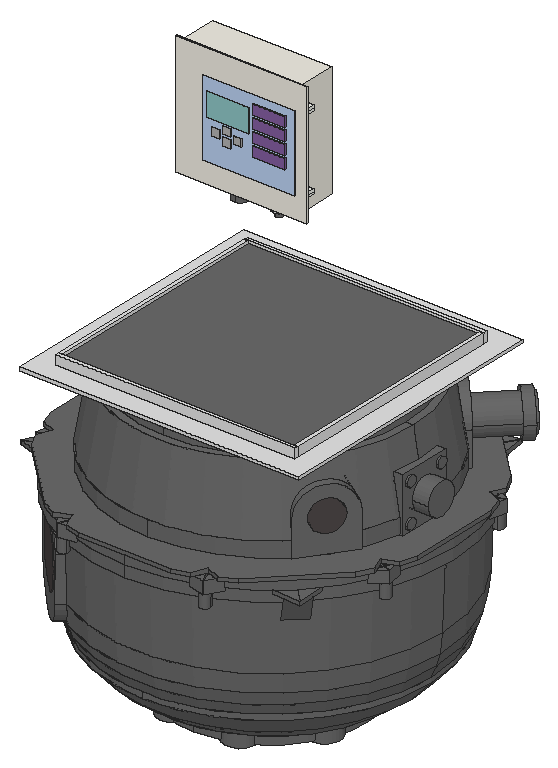
Revit family "281250s (200)", category Generic Models, Revit 2021 (continued)
Definition of nested family "281250s (200)_part2_X0Y0"
  Definition of nested family "281250s (200)_part2_content"
    Forms (mm)
      Extrusion 15, solid, detail levels medium+fine
        from 0 to 10
      Extrusion 16, solid, detail levels medium+fine
        sketch origin (-190, -190, 461) x (0, 1, 0) y (0, 0, 1)
          loop
            line (0, 7.5) -> (0, 0) -> (380, 0) -> (380, 7.5) -> (0, 7.5)
        from 0 to 380
      Extrusion 17, solid, detail levels medium+fine
        sketch origin (0, 0, 461) x (0, 1, 0) y (-1, 0, 0)
          loop
            circle (0, 0) r 208.5
        from 0 to 7.5
      Extrusion 18, solid, detail levels medium+fine
        sketch origin (-222, -222, 468.5) x (0, 1, 0) y (0, 0, 1)
          loop
            line (0, 5) -> (0, 0) -> (444, 0) -> (444, 5) -> (0, 5)
        from 0 to 444
      Extrusion 19, solid, detail levels medium+fine
        sketch origin (-184, -184, 473.5) x (0, 1, 0) y (0, 0, 1)
          loop
            line (0, 12) -> (0, 0) -> (368, 0) -> (368, 12) -> (0, 12)
        from 0 to 368
      Extrusion 20, solid, detail levels medium+fine
        sketch origin (0, 60, 320) x (0, -1, 0) y (0, 0, 1)
          loop
            line (0, 50) -> (0, 0) -> (120, 0) -> (120, 50) -> (0, 50)
        from 0 to 245.5
      Extrusion 21, solid, detail levels medium+fine
        sketch origin (0, 0, 370) x (0, -1, 0) y (0, 0, 1)
          loop
            circle (0, 0) r 60
        from 0 to 245.5
      Extrusion 22, solid, detail levels medium+fine
        sketch origin (-244, 0, 370) x (0, -1, 0) y (0, 0, 1)
          loop
            circle (0, 0) r 35.1
        from 0 to 1.75
      Extrusion 23, solid, detail levels medium+fine
        sketch origin (31.82, -31.82, 320) x (-0.707107, 0.707107, 0) y (0, 0, 1)
          loop
            line (0, 55.25) -> (0, 0) -> (90, 0) -> (90, 55.25) -> (0, 55.25)
        from 0 to 245.5
      Extrusion 24, solid, detail levels medium+fine
        sketch origin (0, 0, 375.25) x (-0.707107, 0.707107, 0) y (0, 0, 1)
          loop
            circle (0, 0) r 45
        from 0 to 245.5
      Extrusion 25, solid, detail levels medium+fine
        sketch origin (0, 0, 370) x (-0.707107, 0.707107, 0) y (0, 0, 1)
          loop
            circle (0, 0) r 27.7
        from 0 to 311.36
      Extrusion 26, solid, detail levels medium+fine
        sketch origin (0, 27.5, 332.75) x (0, 1, 0) y (0, 0, 1)
          loop
            circle (0, 0) r 8
        from 0 to 250
      Extrusion 27, solid, detail levels medium+fine
        sketch origin (0, -46.25, 320) x (0, 1, 0) y (0, 0, 1)
          loop
            line (0, 86.5) -> (0, 0) -> (86.5, 0) -> (86.5, 86.5) -> (0, 86.5)
        from 0 to 245.5
      Extrusion 28, solid, detail levels medium+fine
        sketch origin (0, -3, 363.25) x (0, 1, 0) y (0, 0, 1)
          loop
            circle (0, 0) r 24.75
        from 0 to 272.5
      Extrusion 29, solid, detail levels medium+fine
        sketch origin (0, 27.5, 393.75) x (0, 1, 0) y (0, 0, 1)
          loop
            circle (0, 0) r 8
        from 0 to 250
      Extrusion 30, solid, detail levels medium+fine
        sketch origin (0, -33.5, 332.75) x (0, 1, 0) y (0, 0, 1)
          loop
            circle (0, 0) r 8
        from 0 to 250
      Extrusion 31, solid, detail levels medium+fine
        sketch origin (0, -33.5, 393.75) x (0, 1, 0) y (0, 0, 1)
          loop
            circle (0, 0) r 8
        from 0 to 250
      Extrusion 32, solid, detail levels medium+fine
        sketch origin (-25.811, -36.862, 320) x (0.573577, 0.819152, 0) y (0, 0, 1)
          loop
            line (0, 55.25) -> (0, 0) -> (90, 0) -> (90, 55.25)
            arc (90, 55.25) -> (45, 100.25) -> (0, 55.25) r 45
        from 0 to 245.5
      Extrusion 33, solid, detail levels medium+fine
        sketch origin (199.873, -139.953, 375.25) x (0.573577, 0.819152, 0) y (0, 0, 1)
          loop
            circle (0, 0) r 25
        from 0 to 1.75
      Extrusion 34, solid, detail levels medium+fine
        sketch origin (-53.002, 127.957, 0) x (-0.92388, -0.382683, 0) y (0.382683, -0.92388, 0)
          loop
            circle (0, 0) r 25
        from 0 to 28.5
      Extrusion 35, solid, detail levels medium+fine
        sketch origin (-127.957, -53.002, 0) x (0.382683, -0.92388, 0) y (0.92388, 0.382683, 0)
          loop
            circle (0, 0) r 25
        from 0 to 28.5
      Extrusion 36, solid, detail levels medium+fine
        sketch origin (53.002, -127.957, 0) x (0.92388, 0.382683, 0) y (-0.382683, 0.92388, 0)
          loop
            circle (0, 0) r 25
        from 0 to 28.5
      Extrusion 37, solid, detail levels medium+fine
        sketch origin (53.002, 127.957, 0) x (-0.923879, 0.382684, 0) y (-0.382684, -0.923879, 0)
          loop
            circle (0, 0) r 25
        from 0 to 28.5
      Extrusion 38, solid, detail levels medium+fine
        sketch origin (-127.957, 53.002, 0) x (-0.382684, -0.923879, 0) y (0.923879, -0.382684, 0)
          loop
            circle (0, 0) r 25
        from 0 to 28.5
      Extrusion 39, solid, detail levels medium+fine
        sketch origin (-53.002, -127.957, 0) x (0.923879, -0.382684, 0) y (0.382684, 0.923879, 0)
          loop
            circle (0, 0) r 25
        from 0 to 28.5
      Extrusion 40, solid, detail levels medium+fine
        sketch origin (127.957, -53.002, 0) x (0.382684, 0.923879, 0) y (-0.923879, 0.382684, 0)
          loop
            circle (0, 0) r 25
        from 0 to 28.5
      Extrusion 41, solid, detail levels medium+fine
        sketch origin (127.957, 53.002, 0) x (-0.382683, 0.92388, 0) y (-0.92388, -0.382683, 0)
          loop
            circle (0, 0) r 25
        from 0 to 28.5
      Extrusion 42, solid, detail levels medium+fine
        sketch origin (0, 0, 209) x (0, -1, 0) y (0, 0, 1)
          loop
            line (-72.693, 35.337) -> (-68.918, -37.767)
            arc (-68.918, -37.767) -> (-63.198, -56.139) -> (-50.593, -70.678) r 46.983
            line (-50.593, -70.678) -> (-49.193, -71.697)
            arc (-49.193, -71.697) -> (-25.794, -83.147) -> (0, -86.788) r 83.079
            arc (0, -86.788) -> (25.794, -83.147) -> (49.193, -71.697) r 83.079
            line (49.193, -71.697) -> (50.593, -70.678)
            arc (50.593, -70.678) -> (63.198, -56.139) -> (68.918, -37.767) r 46.983
            line (68.918, -37.767) -> (72.693, 35.337)
            arc (72.693, 35.337) -> (71.616, 38.805) -> (69.783, 41.939) r 15.989
            arc (69.783, 41.939) -> (60.032, 51.336) -> (48.652, 58.679) r 69.984
            line (48.652, 58.679) -> (47.252, 59.417)
            arc (47.252, 59.417) -> (24.369, 68.322) -> (0, 71.344) r 99.373
            arc (0, 71.344) -> (-24.369, 68.322) -> (-47.252, 59.417) r 99.373
            line (-47.252, 59.417) -> (-48.652, 58.679)
            arc (-48.652, 58.679) -> (-60.032, 51.336) -> (-69.783, 41.939) r 69.984
            arc (-69.783, 41.939) -> (-71.616, 38.805) -> (-72.693, 35.337) r 15.989
        from 0 to 277.5
      Extrusion 43, solid, detail levels medium+fine
        sketch origin (0, 0, 209) x (0, -1, 0) y (0, 0, 1)
          loop
            circle (0, 0) r 55
        from 0 to 326
      Extrusion 44, solid, detail levels medium+fine
        sketch origin (0, 0, 209) x (0.707107, -0.707107, 0) y (0, 0, 1)
          loop
            line (-72.693, 35.337) -> (-68.918, -37.767)
            arc (-68.918, -37.767) -> (-63.198, -56.139) -> (-50.593, -70.678) r 46.983
            line (-50.593, -70.678) -> (-49.193, -71.697)
            arc (-49.193, -71.697) -> (-25.794, -83.147) -> (0, -86.788) r 83.079
            arc (0, -86.788) -> (25.794, -83.147) -> (49.193, -71.697) r 83.079
            line (49.193, -71.697) -> (50.593, -70.678)
            arc (50.593, -70.678) -> (63.198, -56.139) -> (68.918, -37.767) r 46.983
            line (68.918, -37.767) -> (72.693, 35.337)
            arc (72.693, 35.337) -> (71.616, 38.805) -> (69.783, 41.939) r 15.989
            arc (69.783, 41.939) -> (60.032, 51.336) -> (48.652, 58.679) r 69.984
            line (48.652, 58.679) -> (47.252, 59.417)
            arc (47.252, 59.417) -> (24.369, 68.322) -> (0, 71.344) r 99.373
            arc (0, 71.344) -> (-24.369, 68.322) -> (-47.252, 59.417) r 99.373
            line (-47.252, 59.417) -> (-48.652, 58.679)
            arc (-48.652, 58.679) -> (-60.032, 51.336) -> (-69.783, 41.939) r 69.984
            arc (-69.783, 41.939) -> (-71.616, 38.805) -> (-72.693, 35.337) r 15.989
        from 0 to 277.5
      Extrusion 45, solid, detail levels medium+fine
        sketch origin (0, 0, 209) x (-0.707107, -0.707107, 0) y (0, 0, 1)
          loop
            line (-72.693, 35.337) -> (-68.918, -37.767)
            arc (-68.918, -37.767) -> (-63.198, -56.139) -> (-50.593, -70.678) r 46.983
            line (-50.593, -70.678) -> (-49.193, -71.697)
            arc (-49.193, -71.697) -> (-25.794, -83.147) -> (0, -86.788) r 83.079
            arc (0, -86.788) -> (25.794, -83.147) -> (49.193, -71.697) r 83.079
            line (49.193, -71.697) -> (50.593, -70.678)
            arc (50.593, -70.678) -> (63.198, -56.139) -> (68.918, -37.767) r 46.983
            line (68.918, -37.767) -> (72.693, 35.337)
            arc (72.693, 35.337) -> (71.616, 38.805) -> (69.783, 41.939) r 15.989
            arc (69.783, 41.939) -> (60.032, 51.336) -> (48.652, 58.679) r 69.984
            line (48.652, 58.679) -> (47.252, 59.417)
            arc (47.252, 59.417) -> (24.369, 68.322) -> (0, 71.344) r 99.373
            arc (0, 71.344) -> (-24.369, 68.322) -> (-47.252, 59.417) r 99.373
            line (-47.252, 59.417) -> (-48.652, 58.679)
            arc (-48.652, 58.679) -> (-60.032, 51.336) -> (-69.783, 41.939) r 69.984
            arc (-69.783, 41.939) -> (-71.616, 38.805) -> (-72.693, 35.337) r 15.989
        from 0 to 277.5
      Extrusion 46, solid, detail levels medium+fine
        sketch origin (-195.161, -195.161, 209) x (0.707107, -0.707107, 0) y (0, 0, 1)
          loop
            circle (0, 0) r 50.1
        from 0 to 1.75
      Extrusion 47, solid, detail levels medium+fine
        sketch origin (-195.162, 195.162, 209) x (-0.707107, -0.707107, 0) y (0, 0, 1)
          loop
            circle (0, 0) r 50.1
        from 0 to 1.75
      Extrusion 48, solid, detail levels medium+fine
        sketch origin (220.165, 220.165, 370) x (-0.707107, 0.707107, 0) y (0, 0, 1)
          loop
            circle (0, 0) r 34.75
        from 0 to 15.7
      Extrusion 49, solid, detail levels medium+fine
        sketch origin (230.559, 230.559, 370) x (-0.707107, 0.707107, 0) y (0, 0, 1)
          loop
            circle (0, 0) r 27.7
        from 0 to 4.8
      Extrusion 50, solid, detail levels medium+fine
        sketch origin (232.893, 232.893, 370) x (-0.707107, 0.707107, 0) y (0, 0, 1)
          loop
            circle (0, 0) r 20
        from 0 to 1.7
      Extrusion 51, solid, detail levels medium+fine
        sketch origin (225.963, 240.105, 376) x (-0.707107, 0.707107, 0) y (0, 0, 1)
          loop
            circle (0, 0) r 4.2
        from 0 to 1.8
      Extrusion 52, solid, detail levels medium+fine
        sketch origin (225.963, 240.105, 364) x (-0.707107, 0.707107, 0) y (0, 0, 1)
          loop
            circle (0, 0) r 4.2
        from 0 to 1.8
      Extrusion 53, solid, detail levels medium+fine
        sketch origin (240.105, 225.963, 364) x (-0.707107, 0.707107, 0) y (0, 0, 1)
          loop
            circle (0, 0) r 4.2
        from 0 to 1.8
      Extrusion 54, solid, detail levels medium+fine
        sketch origin (240.105, 225.963, 376) x (-0.707107, 0.707107, 0) y (0, 0, 1)
          loop
            circle (0, 0) r 4.2
        from 0 to 1.8
      Extrusion 55, solid, detail levels medium+fine
        sketch origin (-259.107, -87.843, 294.5) x (-0.92388, -0.382683, 0) y (0, 0, -1)
          loop
            line (0, 48.5) -> (0, 0) -> (29.9, 0) -> (0, 48.5)
        from 0 to 36
      Extrusion 56, solid, detail levels medium+fine
        sketch origin (-272.082, -112.7, 273) x (0.382683, -0.92388, 0) y (0.92388, 0.382683, 0)
          loop
            circle (0, 0) r 7.75
        from 0 to 21.5
      Extrusion 57, solid, detail levels medium+fine
        sketch origin (-265.153, -109.83, 300) x (-0.92388, -0.382683, 0) y (-0.382683, 0.92388, 0)
          loop
            line (36.5, 0) -> (0, 0) -> (0, -32) -> (36.5, 0)
        from 0 to 5.5
      Extrusion 58, solid, detail levels medium+fine
        sketch origin (-265.153, -109.83, 314) x (-0.92388, -0.382683, 0) y (-0.382683, 0.92388, 0)
          loop
            line (17, 0) -> (0, 0) -> (0, -25) -> (17, 0)
        from 0 to 14
      Extrusion 59, solid, detail levels medium+fine
        sketch origin (-265.153, -109.83, 294.5) x (-0.382683, 0.92388, 0) y (-0.92388, -0.382683, 0)
          loop
            line (0, 36.5) -> (0, 0) -> (32, 0) -> (0, 36.5)
        from 0 to 5.5
      Extrusion 60, solid, detail levels medium+fine
        sketch origin (-265.153, -109.83, 300) x (-0.382683, 0.92388, 0) y (-0.92388, -0.382683, 0)
          loop
            line (0, 17) -> (0, 0) -> (25, 0) -> (0, 17)
        from 0 to 14
      Extrusion 61, solid, detail levels medium+fine
        sketch origin (-245.331, 121.102, 294.5) x (-0.923879, 0.382684, 0) y (0, 0, -1)
          loop
            line (0, 48.5) -> (0, 0) -> (29.9, 0) -> (0, 48.5)
        from 0 to 36
      Extrusion 62, solid, detail levels medium+fine
        sketch origin (-272.082, 112.7, 273) x (-0.382684, -0.923879, 0) y (0.923879, -0.382684, 0)
          loop
            circle (0, 0) r 7.75
        from 0 to 21.5
      Extrusion 63, solid, detail levels medium+fine
        sketch origin (-265.153, 109.83, 300) x (-0.923879, 0.382684, 0) y (0.382684, 0.923879, 0)
          loop
            line (36.5, 0) -> (0, 0) -> (0, -32) -> (36.5, 0)
        from 0 to 5.5
      Extrusion 64, solid, detail levels medium+fine
        sketch origin (-265.153, 109.83, 314) x (-0.923879, 0.382684, 0) y (0.382684, 0.923879, 0)
          loop
            line (17, 0) -> (0, 0) -> (0, -25) -> (17, 0)
        from 0 to 14
      Extrusion 65, solid, detail levels medium+fine
        sketch origin (-265.153, 109.83, 294.5) x (0.382684, 0.923879, 0) y (-0.923879, 0.382684, 0)
          loop
            line (0, 36.5) -> (0, 0) -> (32, 0) -> (0, 36.5)
        from 0 to 5.5
      Extrusion 66, solid, detail levels medium+fine
        sketch origin (-265.153, 109.83, 300) x (0.382684, 0.923879, 0) y (-0.923879, 0.382684, 0)
          loop
            line (0, 17) -> (0, 0) -> (25, 0) -> (0, 17)
        from 0 to 14
      Extrusion 67, solid, detail levels medium+fine
        sketch origin (-190, 184, 473.5) x (0, 1, 0) y (0, 0, 1)
          loop
            line (0, 15) -> (0, 0) -> (6, 0) -> (6, 15) -> (0, 15)
        from 0 to 380
      Extrusion 68, solid, detail levels medium+fine
        sketch origin (-190, -190, 473.5) x (0, 1, 0) y (0, 0, 1)
          loop
            line (0, 15) -> (0, 0) -> (6, 0) -> (6, 15) -> (0, 15)
        from 0 to 380
      Extrusion 69, solid, detail levels medium+fine
        sketch origin (-190, -184, 473.5) x (0, 1, 0) y (0, 0, 1)
          loop
            line (0, 15) -> (0, 0) -> (368, 0) -> (368, 15) -> (0, 15)
        from 0 to 6
      Extrusion 70, solid, detail levels medium+fine
        sketch origin (184, -184, 473.5) x (0, 1, 0) y (0, 0, 1)
          loop
            line (0, 15) -> (0, 0) -> (368, 0) -> (368, 15) -> (0, 15)
        from 0 to 6
      Extrusion 71, solid, detail levels medium+fine
        sketch origin (180.312, -205.768, 294.5) x (0.707106, -0.707107, 0) y (0, 0, -1)
          loop
            line (0, 48.5) -> (0, 0) -> (29.9, 0) -> (0, 48.5)
        from 0 to 36
      Extrusion 72, solid, detail levels medium+fine
        sketch origin (202.939, -202.939, 300) x (0.707106, -0.707107, 0) y (-0.707107, -0.707106, 0)
          loop
            line (36.5, 0) -> (0, 0) -> (0, -32) -> (36.5, 0)
        from 0 to 5.5
      Extrusion 73, solid, detail levels medium+fine
        sketch origin (202.939, -202.939, 294.5) x (-0.707107, -0.707106, 0) y (0.707106, -0.707107, 0)
          loop
            line (0, 36.5) -> (0, 0) -> (32, 0) -> (0, 36.5)
        from 0 to 5.5
      Extrusion 74, solid, detail levels medium+fine
        sketch origin (171.331, 213.304, 294.5) x (0.573577, 0.819151, 0) y (0, 0, -1)
          loop
            line (0, 48.5) -> (0, 0) -> (29.9, 0) -> (0, 48.5)
        from 0 to 36
      Extrusion 75, solid, detail levels medium+fine
        sketch origin (164.616, 235.097, 294.5) x (0.819151, -0.573577, 0) y (0.573577, 0.819151, 0)
          loop
            line (0, 36.5) -> (0, 0) -> (32, 0) -> (0, 36.5)
        from 0 to 5.5
      Extrusion 76, solid, detail levels medium+fine
        sketch origin (164.616, 235.097, 300) x (0.573577, 0.819151, 0) y (0.819151, -0.573577, 0)
          loop
            line (36.5, 0) -> (0, 0) -> (0, -32) -> (36.5, 0)
        from 0 to 5.5
      Extrusion 77, solid, detail levels medium+fine
        sketch origin (109.83, 265.153, 294.5) x (0.923879, -0.382684, 0) y (0.382684, 0.923879, 0)
          loop
            line (0, 17) -> (0, 0) -> (25, 0) -> (0, 17)
        from 0 to 19.5
      Extrusion 78, solid, detail levels medium+fine
        sketch origin (112.7, 272.082, 273) x (-0.923879, 0.382684, 0) y (-0.382684, -0.923879, 0)
          loop
            circle (0, 0) r 7.75
        from 0 to 21.5
      Extrusion 79, solid, detail levels medium+fine
        sketch origin (109.83, 265.153, 314) x (0.382684, 0.923879, 0) y (0.923879, -0.382684, 0)
          loop
            line (17, 0) -> (0, 0) -> (0, -25) -> (17, 0)
        from 0 to 19.5
      Extrusion 80, solid, detail levels medium+fine
        sketch origin (272.082, 112.7, 273) x (-0.382683, 0.92388, 0) y (-0.92388, -0.382683, 0)
          loop
            circle (0, 0) r 7.75
        from 0 to 21.5
      Extrusion 81, solid, detail levels medium+fine
        sketch origin (265.153, 109.83, 314) x (0.92388, 0.382683, 0) y (0.382683, -0.92388, 0)
          loop
            line (17, 0) -> (0, 0) -> (0, -25) -> (17, 0)
        from 0 to 19.5
      Extrusion 82, solid, detail levels medium+fine
        sketch origin (265.153, 109.83, 294.5) x (0.382683, -0.92388, 0) y (0.92388, 0.382683, 0)
          loop
            line (0, 17) -> (0, 0) -> (25, 0) -> (0, 17)
        from 0 to 19.5
      Extrusion 83, solid, detail levels medium+fine
        sketch origin (-112.7, 272.082, 273) x (-0.92388, -0.382683, 0) y (0.382683, -0.92388, 0)
          loop
            circle (0, 0) r 7.75
        from 0 to 21.5
      Extrusion 84, solid, detail levels medium+fine
        sketch origin (-109.83, 265.153, 314) x (-0.382683, 0.92388, 0) y (0.92388, 0.382683, 0)
          loop
            line (17, 0) -> (0, 0) -> (0, -25) -> (17, 0)
        from 0 to 19.5
      Extrusion 85, solid, detail levels medium+fine
        sketch origin (-109.83, 265.153, 294.5) x (0.92388, 0.382683, 0) y (-0.382683, 0.92388, 0)
          loop
            line (0, 17) -> (0, 0) -> (25, 0) -> (0, 17)
        from 0 to 19.5
      Extrusion 86, solid, detail levels medium+fine
        sketch origin (272.082, -112.7, 273) x (0.382684, 0.923879, 0) y (-0.923879, 0.382684, 0)
          loop
            circle (0, 0) r 7.75
        from 0 to 21.5
      Extrusion 87, solid, detail levels medium+fine
        sketch origin (265.153, -109.83, 294.5) x (-0.382684, -0.923879, 0) y (0.923879, -0.382684, 0)
          loop
            line (0, 17) -> (0, 0) -> (25, 0) -> (0, 17)
        from 0 to 19.5
      Extrusion 88, solid, detail levels medium+fine
        sketch origin (265.153, -109.83, 314) x (0.923879, -0.382684, 0) y (-0.382684, -0.923879, 0)
          loop
            line (17, 0) -> (0, 0) -> (0, -25) -> (17, 0)
        from 0 to 19.5
      Extrusion 89, solid, detail levels medium+fine
        sketch origin (112.7, -272.082, 273) x (0.92388, 0.382683, 0) y (-0.382683, 0.92388, 0)
          loop
            circle (0, 0) r 7.75
        from 0 to 21.5
      Extrusion 90, solid, detail levels medium+fine
        sketch origin (109.83, -265.153, 314) x (0.382683, -0.92388, 0) y (-0.92388, -0.382683, 0)
          loop
            line (17, 0) -> (0, 0) -> (0, -25) -> (17, 0)
        from 0 to 19.5
      Extrusion 91, solid, detail levels medium+fine
        sketch origin (109.83, -265.153, 294.5) x (-0.92388, -0.382683, 0) y (0.382683, -0.92388, 0)
          loop
            line (0, 17) -> (0, 0) -> (25, 0) -> (0, 17)
        from 0 to 19.5
      Extrusion 92, solid, detail levels medium+fine
        sketch origin (-112.7, -272.082, 273) x (0.923879, -0.382684, 0) y (0.382684, 0.923879, 0)
          loop
            circle (0, 0) r 7.75
        from 0 to 21.5
      Extrusion 93, solid, detail levels medium+fine
        sketch origin (-109.83, -265.153, 294.5) x (-0.923879, 0.382684, 0) y (-0.382684, -0.923879, 0)
          loop
            line (0, 17) -> (0, 0) -> (25, 0) -> (0, 17)
        from 0 to 19.5
      Extrusion 94, solid, detail levels medium+fine
        sketch origin (-109.83, -265.153, 314) x (-0.382684, -0.923879, 0) y (-0.923879, 0.382684, 0)
          loop
            line (17, 0) -> (0, 0) -> (0, -25) -> (17, 0)
        from 0 to 19.5
      Extrusion 95, solid, detail levels coarse
        sketch origin (-17.478, 0, 0) x (1, 0, 0) y (0, 1, 0)
          loop
            line (-308.522, -291.044) -> (308.522, -291.044) -> (308.522, 291.044) -> (-308.522, 291.044) -> (-308.522, -291.044)
        from 0 to 488.5
    Dimensions and locks
      aligned and locked: level to plane 2
